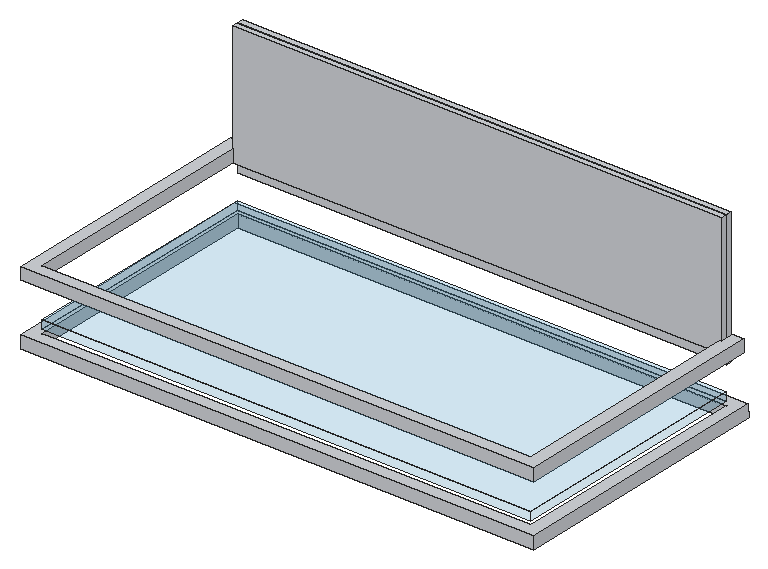
Revit family "Sample K-Attractor Parametric Shading Window", category Windows, host Face, Revit 2018
Family settings
  Host = Face
  Cut with Voids When Loaded = No
  Shared = No
  Room Calculation Point = No
Parameters
  Width = Openning Width  # 2.000 m
  Shaders Thickness = 0.025 m
  Rough Width [instance] = Width  # 2.000 m
  Rough Height [instance] = Height  # 1.000 m
  Openning Width = 2.000 m
  Void Depth = Openning Height  # 1.000 m
  Single Piece Height = Openning Height / 2  # 0.500 m
  Shader Materials = none
  Manufacturer = "Created By Karam Baki"  # constant formula
  LFix = Openning Height * 2  # 2.000 m
  Openning Height = 1.000 m
  Inner Frame Material = none
  Host Thickness = 0.200 m
  Height = Openning Height  # 1.000 m
  HFix = 0.232385 m
  Glass Thickness = 0.036951 m
  Glass Material = Glass
  Glass Depth = 0.150302 m
  Frame Thickness = 0.050 m
  Frame Material = none
  Frame Depth = 0.050 m
  Default Elevation = 1.2192 m
  AngleSecondaryFix [instance] = 180.00° - (2 * AngleMainFix)  # 0.00°
  AngleMainFix [instance] = if(Angle > 90.00°, 90.00°, if(Angle < 0.00°, 0.00°, Angle))  # 90.00°
  Angle [instance] = 90.00°
  Analytic Construction = "<None>"
Reference planes (m)
  plane 1 "Center (Front/Back)": y = 0
  plane 2: z = 0
  plane 3 "Center (Left/Right)": x = 0
  plane 4: y = 0.5
  plane 5: y = -0.5
  plane 6: x = 1
  plane 7: x = -1
  plane 8: z = -1
  plane 9: z = 1
  plane 10 "Glass": z = -0.150302
  plane 11: z = -0.187253
  plane 12 "Wall End": z = -0.2
  plane 13: z = -0.05
Forms (m)
  Extrusion 1, void
    sketch origin (0, 0, 0) x (1, 0, 0) y (0, 1, 0)
      loop
        line (-1, 0.5) -> (-1, -0.5) -> (1, -0.5) -> (1, 0.5) -> (-1, 0.5)
    from -1 to 1
  Extrusion 2, solid, material <- "Shader Materials"
    sketch origin (0, 0.5, 0) x (0, 0, 1) y (0, -1, 0)
      loop
        line (0, 0) -> (0, -0.025) -> (0.5, -0.025) -> (0.5, 0) -> (0, 0)
    from -1 to 1
  Extrusion 3, solid, material <- "Shader Materials"
    sketch origin (0, 0.5, 0.5) x (0, 0, -1) y (0, 1, 0)
      loop
        line (0, 0) -> (0, -0.025) -> (0.5, -0.025) -> (0.5, 0) -> (0, 0)
    from -1 to 1
  Extrusion 4, solid, material "Glass" <- "Glass Material"
    sketch origin (0, 0, -0.150302) x (0, 1, 0) y (-1, 0, 0)
      loop
        line (0.5, -1) -> (0.5, 1) -> (-0.5, 1) -> (-0.5, -1) -> (0.5, -1)
    from -0.036951 to 0
  Sweep 5, solid, material <- "Frame Material"
    path in 3D
      loop
        line (1, 0.525, 0) -> (1, -0.5, 0) -> (-1, -0.5, 0) -> (-1, 0.525, 0)
    profile "Window Profile : Window Profile" origin (1, 0.0125, 0) x (1, 0, 0) y (0, 0, 1)
      loop
        line (0, 0) -> (0.05, 0) -> (0.05, 0.05) -> (0, 0.05) -> (0, 0)
  Extrusion 6, void
    sketch origin (0, 0, 0) x (1, 0, 0) y (0, 1, 0)
      loop
        line (-1, 0.525) -> (-1, 0.5) -> (1, 0.5) -> (1, 0.525) -> (-1, 0.525)
    from -0.05 to 0
  Extrusion 7, solid, material <- "Inner Frame Material"
    sketch origin (0, 0, 0) x (1, 0, 0) y (0, 1, 0)
      loop
        line (-1, 0.525) -> (-1, 0.5) -> (1, 0.5) -> (1, 0.525) -> (-1, 0.525)
    from -0.05 to 0
  Sweep 8, solid, material <- "Frame Material"
    path origin (0, 0, -0.2) x (0, 1, 0) y (-1, 0, 0)
      loop
        line (0.5, -1) -> (0.5, 1) -> (-0.5, 1) -> (-0.5, -1) -> (0.5, -1)
    profile "Window Profile : Window Profile" origin (0, 0.5, -0.2) x (0, -1, 0) y (0, 0, 1)
      loop
        line (0, 0) -> (-0.05, 0) -> (-0.05, -0.05) -> (0, -0.05) -> (0, 0)
Lines and regions (m)
  Masking region 1
    outline origin (0, 0, 0) x (1, 0, 0) y (0, 0, 1)
      loop
        line (1.05, 0.05) -> (1, 0.05) -> (1, 0) -> (1.05, 0) -> (1.05, 0.05)
  Masking region 2
    outline origin (0, 0, 0) x (1, 0, 0) y (0, 0, 1)
      loop
        line (-1.05, 0.05) -> (-1.05, 0) -> (-1, 0) -> (-1, 0.05) -> (-1.05, 0.05)
  Masking region 3
    outline origin (0, 0, 0) x (1, 0, 0) y (0, 0, 1)
      loop
        line (1.05, -0.2) -> (1, -0.2) -> (1, -0.25) -> (1.05, -0.25) -> (1.05, -0.2)
  Masking region 4
    outline origin (0, 0, 0) x (1, 0, 0) y (0, 0, 1)
      loop
        line (-1.05, -0.25) -> (-1, -0.25) -> (-1, -0.2) -> (-1.05, -0.2) -> (-1.05, -0.25)
  reference lines
    curve 1: line (0, 0.5, 0) -> (0, 0.5, 2)
    curve 2: line (0, 0.75, 0.5) -> (0, 0.25, 0.5)
    curve 3: line (0, 0.5, 0.5) -> (0, 0.5, -0.000012)
    curve 4: line (0, 0.25, 0) -> (0, 0.75, 0)
  sketch lines
    curve 5: line (1, 0.525, 0) -> (1, -0.5, 0)
    curve 6: line (1, -0.5, 0) -> (-1, -0.5, 0)
    curve 7: line (-1, -0.5, 0) -> (-1, 0.525, 0)
Dimensions and locks (m)
  equal spacing: plane 7, plane 3 "Center (Left/Right)", plane 6
  equal spacing: plane 4, plane 1 "Center (Front/Back)", plane 5
  "Openning Width": plane 7 to plane 6
  "Openning Height": plane 4 to plane 5
  "Void Depth": level to plane 8
  "Void Depth": plane 9 to level
  "Single Piece Height": curve 1 to curve 2
  "Single Piece Height": curve 3 to curve 4
  equal spacing: curve 2, curve 1, curve 2
  "Single Piece Height": curve 2 to curve 2
  "LFix": curve 1 to curve 1
  equal spacing: curve 4, curve 3, curve 4
  "Single Piece Height": curve 4 to curve 4
  "Shaders Thickness": Extrusion 2 sketch curve to Extrusion 2 sketch curve
  "Shaders Thickness": Extrusion 3 sketch curve to Extrusion 3 sketch curve
  "Single Piece Height": Extrusion 2 sketch curve to Extrusion 2 sketch curve
  "Single Piece Height": Extrusion 3 sketch curve to Extrusion 3 sketch curve
  "Glass Depth": level to plane 10 "Glass"
  "Glass Thickness": plane 10 "Glass" to plane 11
  "Host Thickness": plane 2 to plane 12 "Wall End"
  "Frame Depth": plane 2 to plane 13
  "AngleMainFix": angle plane 2 to curve 1
  "AngleSecondaryFix": angle curve 1 to curve 3
  aligned and locked: host face to plane 2
  aligned and locked: host face to level
  aligned and locked: plane 7 to Extrusion 1 sketch curve
  aligned and locked: Extrusion 1 sketch curve to plane 6
  aligned and locked: Extrusion 1 sketch curve to plane 5
  aligned and locked: Extrusion 1 sketch curve to plane 4
  aligned and locked: plane 9 to Extrusion 1
  aligned and locked: Extrusion 1 to plane 8
  aligned and locked: plane 4 to curve 1
  aligned and locked: plane 2 to curve 1
  aligned and locked: curve 1 to curve 3
  aligned and locked: plane 6 to Extrusion 2
  aligned and locked: Extrusion 2 to plane 7
  aligned and locked: Extrusion 3 sketch curve to curve 3
  aligned and locked: Extrusion 2 sketch curve to curve 1
  aligned and locked: Extrusion 3 to plane 7
  aligned and locked: plane 6 to Extrusion 3
  aligned and locked: Extrusion 4 sketch curve to plane 7
  aligned and locked: Extrusion 4 sketch curve to plane 5
  aligned and locked: plane 6 to Extrusion 4 sketch curve
  aligned and locked: Extrusion 4 sketch curve to plane 4
  aligned and locked: Extrusion 4 to plane 11
  aligned and locked: plane 10 "Glass" to Extrusion 4
  aligned and locked: plane 7 to Extrusion 6 sketch curve
  aligned and locked: Extrusion 6 sketch curve to plane 6
  aligned and locked: Extrusion 6 sketch curve to plane 4
  aligned and locked: Extrusion 6 to plane 13
  aligned and locked: plane 2 to Extrusion 6
  aligned and locked: plane 7 to Extrusion 7 sketch curve
  aligned and locked: Extrusion 7 sketch curve to plane 4
  aligned and locked: Extrusion 7 sketch curve to plane 6
  aligned and locked: Extrusion 7 to plane 13
  aligned and locked: plane 2 to Extrusion 7
  aligned and locked: Masking region 1 sketch curve to Sweep 5  (x2)
  aligned and locked: Extrusion 3 to Masking region 1 sketch curve
  aligned and locked: Masking region 1 sketch curve to Extrusion 3
  aligned and locked: Masking region 2 sketch curve to Sweep 5  (x2)
  aligned and locked: Masking region 2 sketch curve to Extrusion 3
  aligned and locked: Extrusion 3 to Masking region 2 sketch curve
  aligned and locked: Sweep 8 sketch curve to plane 7
  aligned and locked: Sweep 8 sketch curve to plane 4
  aligned and locked: plane 6 to Sweep 8 sketch curve
  aligned and locked: Sweep 8 sketch curve to plane 5
  aligned and locked: Masking region 3 sketch curve to Sweep 8  (x3)
  aligned and locked: Sweep 8 to Masking region 3 sketch curve
  aligned and locked: Masking region 4 sketch curve to Sweep 8  (x3)
  aligned and locked: Sweep 8 to Masking region 4 sketch curve
Automatic sketch dimensions
  host sketch curve to host sketch curve = 6.216391 m
  host sketch curve to host sketch curve = 6.611864 m
  plane 4 to Extrusion 6 sketch curve = 0.025 m
  plane 4 to Extrusion 7 sketch curve = 0.025 m
  curve 1 to Extrusion 2 sketch curve = 0.000 m
  Extrusion 3 sketch curve to curve 3 = 0.000 m
